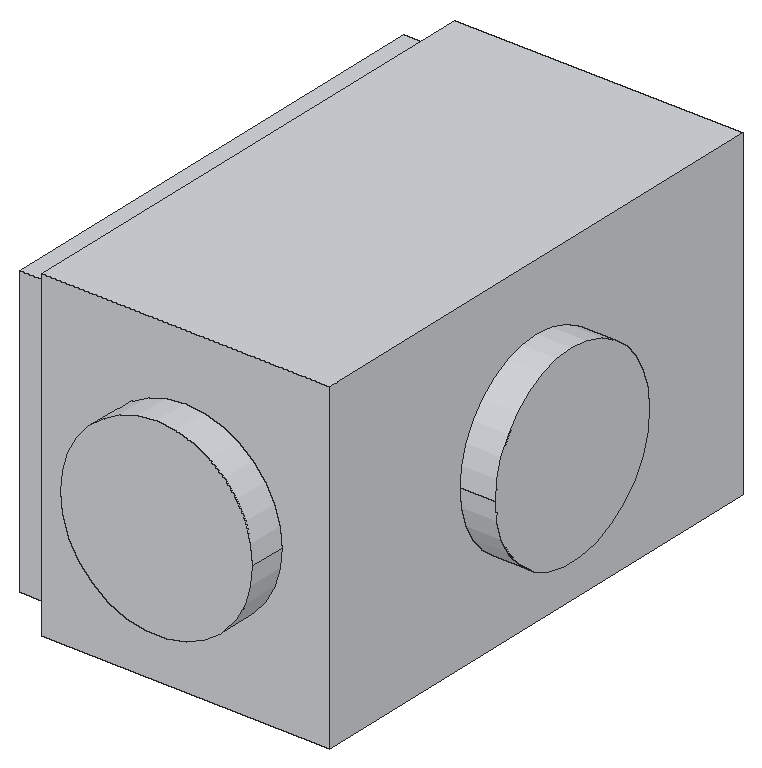
Revit family "25b9900533404bb790ed4e2f79cfd594", category Duct Fittings, Revit 2021
Family settings
  Round Connector Dimension = Use Radius
  Part Type = Cross
  OmniClass Number = 23.75.70.11.14.24
  OmniClass Title = Air Mixers
  Seek Item ID = VAV Outlet Plenum - Cross-0000-USA-ENU
  Work Plane-Based = No
  Always vertical = Yes
  Cut with Voids When Loaded = No
  Shared = No
Parameters (values of type "Standard")
  Supply Air Outlet Radius = Supply Air Outlet Diameter / 2  # 4"
  Supply Air Outlet Diameter = 8"
  Supply Air Inlet Width = 20"
  Supply Air Inlet Height = 12"
  Plenum Width = Supply Air Inlet Width + 0' 1 1/2"  # 21 1/2"
  Plenum Length = 12"
  Plenum Height = Supply Air Inlet Height + 0' 1 1/2"  # 13 1/2"
  Lining Thickness = 0"
  Lining Supply Air Outlet Radius = Supply Air Outlet Radius - Lining Thickness * 2  # 4"
  Lining Supply Air Inlet Width = Supply Air Inlet Width - Lining Thickness * 2  # 20"
  Lining Supply Air Inlet Height = Supply Air Inlet Height - Lining Thickness * 2  # 12"
  Lining Plenum Width = Plenum Width - Lining Thickness * 2  # 21 1/2"
  Lining Plenum Length = Plenum Length - Lining Thickness * 2  # 12"
  Lining Plenum Height = Plenum Height - Lining Thickness * 2  # 13 1/2"
  Insulation Thickness = 0"
  Insulation Supply Air Outlet Radius = Supply Air Outlet Radius + Insulation Thickness * 2  # 4"
  Insulation Supply Air Outlet Diameter = Supply Air Outlet Diameter + Insulation Thickness * 2  # 8"
  Insulation Supply Air Inlet Width = Supply Air Inlet Width + Insulation Thickness * 2  # 20"
  Insulation Plenum Width = Plenum Width + Insulation Thickness * 2  # 21 1/2"
  Insulation Plenum Length = Plenum Length + Insulation Thickness * 2  # 12"
  Insulation Plenum Height = Plenum Height + Insulation Thickness * 2  # 13 1/2"
  Insuation Supply Air Inlet Height = Supply Air Inlet Height + Insulation Thickness * 2  # 12"
  Default Elevation = 0' - 0"
Reference planes (in)
  plane 1 "Center (Front/Back)": y = 0
  plane 2 "Center(Elevation)": z = 0
  plane 3 "Center (Left/Right)": x = 0
  plane 4: y = 10.75
  plane 5: y = -10.75
  plane 6: x = 6
  plane 7: x = -6
  plane 8: z = 6.75
  plane 9: z = -6.75
  plane 10: x = -7.5
  plane 11: x = 7.5
  plane 12: y = 12.25
  plane 13: y = -12.25
  plane 14: y = -10
  plane 15: y = 10
  plane 16: z = 6
  plane 17: z = -6
  plane 18: z = 6.75
  plane 19: z = -6.75
  plane 20: z = 6.75
  plane 21: z = -6.75
  plane 22: x = -6
  plane 23: x = 6
  plane 24: x = 6
  plane 25: x = -6
  plane 26: y = 10.75
  plane 27: y = -10.75
  plane 28: y = 10.75
  plane 29: y = -10.75
  plane 30: y = 10
  plane 31: y = -10
  plane 32: y = 10
  plane 33: y = -10
  plane 34: z = 6
  plane 35: z = -6
  plane 36: z = 6
  plane 37: z = -6
Forms (in)
  Extrusion 1, solid
    sketch origin (0, 0, 0) x (1, 0, 0) y (0, 1, 0)
      loop
        line (-6, 10.75) -> (-6, -10.75) -> (6, -10.75) -> (6, 10.75) -> (-6, 10.75)
    from -6.75 to 6.75
  Extrusion 2, solid
    sketch origin (0, 0, 0) x (0, 1, 0) y (0, 0, 1)
      loop
        line (10, 6) -> (-10, 6) -> (-10, -6) -> (10, -6) -> (10, 6)
    from -7.5 to -6
  Extrusion 3, solid
    sketch origin (0, 0, 0) x (1, 0, 0) y (0, 0, 1)
      loop
        circle (0, 0) r 4
    from 10.75 to 12.25
  Extrusion 4, solid
    sketch origin (0, 0, 0) x (1, 0, 0) y (0, 0, 1)
      loop
        circle (0, 0) r 4
    from -12.25 to -10.75
  Extrusion 5, solid
    sketch origin (0, 0, 0) x (0, 1, 0) y (0, 0, 1)
      loop
        circle (0, 0) r 4
    from 6 to 7.5
  Extrusion 6, solid
    sketch origin (0, 0, 0) x (0, 1, 0) y (0, 0, 1)
      loop
        circle (0, 0) r 4
    from 6 to 7.5
  Extrusion 7, solid
    sketch origin (0, 0, 0) x (0, 1, 0) y (0, 0, 1)
      loop
        circle (0, 0) r 4
    from 6 to 7.5
  Extrusion 8, solid
    sketch origin (0, 0, 0) x (1, 0, 0) y (0, 0, 1)
      loop
        circle (0, 0) r 4
    from 10.75 to 12.25
  Extrusion 9, solid
    sketch origin (0, 0, 8.25) x (1, 0, 0) y (0, 0, 1)
      loop
        circle (0, -8.25) r 4
    from -12.25 to -10.75
  Extrusion 10, solid
    sketch origin (0, 0, 0) x (1, 0, 0) y (0, 0, 1)
      loop
        circle (0, 0) r 4
    from 10.75 to 12.25
  Extrusion 11, solid
    sketch origin (0, 0, 0) x (1, 0, 0) y (0, 0, 1)
      loop
        circle (0, 0) r 4
    from -12.25 to -10.75
  Extrusion 12, solid
    sketch origin (0, 0, 0) x (1, 0, 0) y (0, 0, 1)
      loop
        line (-6, 6.75) -> (-6, -6.75) -> (6, -6.75) -> (6, 6.75) -> (-6, 6.75)
    from -10.75 to 10.75
  Extrusion 13, solid
    sketch origin (0, 0, 0) x (1, 0, 0) y (0, 0, 1)
      loop
        line (-6, 6.75) -> (-6, -6.75) -> (6, -6.75) -> (6, 6.75) -> (-6, 6.75)
    from -10.75 to 10.75
  Extrusion 14, solid
    sketch origin (0, 0, 0) x (0, 1, 0) y (0, 0, 1)
      loop
        line (-10, 6) -> (-10, -6) -> (10, -6) -> (10, 6) -> (-10, 6)
    from -7.5 to -6
  Extrusion 15, solid
    sketch origin (0, 0, 0) x (0, 1, 0) y (0, 0, 1)
      loop
        line (-10, 6) -> (-10, -6) -> (10, -6) -> (10, 6) -> (-10, 6)
    from -6 to -7.5
Dimensions and locks (in)
  equal spacing: plane 5, plane 1 "Center (Front/Back)", plane 4
  "Plenum Width": plane 5 to plane 4
  equal spacing: plane 7, plane 3 "Center (Left/Right)", plane 6
  "Plenum Length": plane 7 to plane 6
  equal spacing: plane 8, plane 2 "Center(Elevation)", plane 9
  "Plenum Height": plane 8 to plane 9
  locked: plane 6 to plane 11 at 1.5
  plane 12 to Extrusion 1 = 0' - 1 1/2"
  plane 13 to Extrusion 1 = 0' - 1 1/2"
  locked: plane 10 to plane 7 at 1.5
  equal spacing: plane 15, plane 1 "Center (Front/Back)", plane 14
  "Supply Air Inlet Width": plane 15 to plane 14
  equal spacing: plane 16, plane 2 "Center(Elevation)", plane 17
  "Supply Air Inlet Height": plane 16 to plane 17
  equal spacing: plane 18, plane 2 "Center(Elevation)", plane 19
  "Lining Plenum Height": plane 18 to plane 19
  equal spacing: plane 20, plane 2 "Center(Elevation)", plane 21
  "Insulation Plenum Height": plane 20 to plane 21
  equal spacing: plane 23, plane 3 "Center (Left/Right)", plane 22
  "Lining Plenum Length": plane 23 to plane 22
  equal spacing: plane 25, plane 3 "Center (Left/Right)", plane 24
  "Insulation Plenum Length": plane 25 to plane 24
  equal spacing: plane 27, plane 1 "Center (Front/Back)", plane 26
  "Lining Plenum Width": plane 27 to plane 26
  equal spacing: plane 29, plane 1 "Center (Front/Back)", plane 28
  "Insulation Plenum Width": plane 29 to plane 28
  equal spacing: plane 31, plane 1 "Center (Front/Back)", plane 30
  "Lining Supply Air Inlet Width": plane 31 to plane 30
  equal spacing: plane 33, plane 1 "Center (Front/Back)", plane 32
  "Insulation Supply Air Inlet Width": plane 33 to plane 32
  equal spacing: plane 34, plane 2 "Center(Elevation)", plane 35
  "Insuation Supply Air Inlet Height": plane 34 to plane 35
  equal spacing: plane 36, plane 2 "Center(Elevation)", plane 37
  "Lining Supply Air Inlet Height": plane 36 to plane 37
  "Supply Air Outlet Radius": radius of Extrusion 3 sketch curve
  "Supply Air Outlet Radius": radius of Extrusion 4 sketch curve
  "Supply Air Outlet Radius": radius of Extrusion 5 sketch curve
  "Insulation Supply Air Outlet Radius": radius of Extrusion 6 sketch curve
  "Lining Supply Air Outlet Radius": radius of Extrusion 7 sketch curve
  "Insulation Supply Air Outlet Radius": radius of Extrusion 8 sketch curve
  "Insulation Supply Air Outlet Radius": radius of Extrusion 9 sketch curve
  "Lining Supply Air Outlet Radius": radius of Extrusion 10 sketch curve
  "Lining Supply Air Outlet Radius": radius of Extrusion 11 sketch curve
  aligned and locked: plane 7 to Extrusion 1 sketch curve
  aligned and locked: plane 4 to Extrusion 1 sketch curve
  aligned and locked: plane 5 to Extrusion 1 sketch curve
  aligned and locked: Extrusion 1 sketch curve to plane 6
  aligned and locked: plane 8 to Extrusion 1
  aligned and locked: plane 9 to Extrusion 1
  aligned and locked: plane 15 to Extrusion 2 sketch curve
  aligned and locked: plane 16 to Extrusion 2 sketch curve
  aligned and locked: plane 17 to Extrusion 2 sketch curve
  aligned and locked: plane 14 to Extrusion 2 sketch curve
  aligned and locked: plane 10 to Extrusion 2
  aligned and locked: Extrusion 2 to plane 7
  aligned and locked: plane 2 "Center(Elevation)" to Extrusion 3 sketch curve
  aligned and locked: plane 3 "Center (Left/Right)" to Extrusion 3 sketch curve
  aligned and locked: plane 2 "Center(Elevation)" to Extrusion 4 sketch curve
  aligned and locked: plane 3 "Center (Left/Right)" to Extrusion 4 sketch curve
  aligned and locked: Extrusion 4 to plane 12
  aligned and locked: Extrusion 3 to plane 13
  aligned and locked: Extrusion 5 to plane 6
  aligned and locked: plane 11 to Extrusion 5
  aligned and locked: Extrusion 6 to plane 6
  aligned and locked: plane 11 to Extrusion 6
  aligned and locked: plane 11 to Extrusion 7
  aligned and locked: plane 3 "Center (Left/Right)" to Extrusion 8 sketch curve
  aligned and locked: plane 2 "Center(Elevation)" to Extrusion 8 sketch curve
  aligned and locked: plane 2 "Center(Elevation)" to Extrusion 9 sketch curve
  aligned and locked: plane 3 "Center (Left/Right)" to Extrusion 9 sketch curve
  aligned and locked: plane 3 "Center (Left/Right)" to Extrusion 10 sketch curve
  aligned and locked: plane 2 "Center(Elevation)" to Extrusion 10 sketch curve
  aligned and locked: plane 3 "Center (Left/Right)" to Extrusion 11 sketch curve
  aligned and locked: plane 2 "Center(Elevation)" to Extrusion 11 sketch curve
  aligned and locked: Extrusion 11 to plane 12
  aligned and locked: Extrusion 9 to plane 12
  aligned and locked: plane 4 to Extrusion 9
  aligned and locked: Extrusion 10 to plane 13
  aligned and locked: plane 5 to Extrusion 8
  aligned and locked: Extrusion 8 to plane 13
  aligned and locked: Extrusion 12 sketch curve to plane 20
  aligned and locked: plane 21 to Extrusion 12 sketch curve
  aligned and locked: plane 22 to Extrusion 13 sketch curve
  aligned and locked: Extrusion 13 sketch curve to plane 18
  aligned and locked: plane 19 to Extrusion 13 sketch curve
  aligned and locked: plane 23 to Extrusion 13 sketch curve
  aligned and locked: Extrusion 12 to plane 28
  aligned and locked: Extrusion 12 to plane 29
  aligned and locked: Extrusion 13 to plane 27
  aligned and locked: Extrusion 13 to plane 26
  aligned and locked: plane 31 to Extrusion 14 sketch curve
  aligned and locked: Extrusion 14 sketch curve to plane 36
  aligned and locked: plane 37 to Extrusion 14 sketch curve
  aligned and locked: plane 30 to Extrusion 14 sketch curve
  aligned and locked: plane 33 to Extrusion 15 sketch curve
  aligned and locked: Extrusion 15 sketch curve to plane 34
  aligned and locked: plane 35 to Extrusion 15 sketch curve
  aligned and locked: plane 32 to Extrusion 15 sketch curve
  aligned and locked: Extrusion 15 to plane 7
  aligned and locked: Extrusion 12 sketch curve to plane 25
  aligned and locked: Extrusion 12 sketch curve to plane 24
  aligned and locked: plane 10 to Extrusion 15
  aligned and locked: plane 10 to Extrusion 14
  aligned and locked: plane 1 "Center (Front/Back)" to Extrusion 7 sketch curve
  aligned and locked: plane 2 "Center(Elevation)" to Extrusion 7 sketch curve
  aligned and locked: plane 1 "Center (Front/Back)" to Extrusion 5 sketch curve
  aligned and locked: plane 2 "Center(Elevation)" to Extrusion 5 sketch curve
  aligned and locked: plane 1 "Center (Front/Back)" to Extrusion 6 sketch curve
  aligned and locked: plane 2 "Center(Elevation)" to Extrusion 6 sketch curve
  aligned and locked: plane 22 to Extrusion 14
  aligned and locked: plane 26 to Extrusion 11
  aligned and locked: plane 23 to Extrusion 7
  aligned and locked: plane 27 to Extrusion 10
Connectors (in)
  hvac at (-7.5, 0, 0), driven by "Supply Air Inlet Height", driven by "Supply Air Inlet Width"
    settings: on Extrusion 2, index 1, duct flow 0 CFM, flow factor 0, pres drop 0.00 in-wg, loss coef 0, conn angle 0.00°, conn width 20", conn height 12", conn diameter 24", duct sys type 28, conn prof type 1, flow config 0, flow direction 0, loss method 0, conn ref index -1, conn util no, is conn primary yes, conn desc ""
  hvac at (7.5, 0, 0), driven by "Supply Air Outlet Radius"
    settings: on Extrusion 5, index 2, duct flow 0 CFM, flow factor 0, pres drop 0.00 in-wg, loss coef 0, conn angle 0.00°, conn width 12", conn height 12", conn diameter 8", duct sys type 28, conn prof type 0, flow config 0, flow direction 0, loss method 0, conn ref index -1, conn util no, is conn primary no, conn desc ""
  hvac at (0, -12.25, 0), driven by "Supply Air Outlet Radius"
    settings: on Extrusion 3, index 3, duct flow 0 CFM, flow factor 0, pres drop 0.00 in-wg, loss coef 0, conn angle 0.00°, conn width 12", conn height 12", conn diameter 8", duct sys type 28, conn prof type 0, flow config 0, flow direction 0, loss method 0, conn ref index -1, conn util no, is conn primary no, conn desc ""
  hvac at (0, 12.25, 0), driven by "Supply Air Outlet Radius"
    settings: on Extrusion 4, index 4, duct flow 0 CFM, flow factor 0, pres drop 0.00 in-wg, loss coef 0, conn angle 0.00°, conn width 12", conn height 12", conn diameter 8", duct sys type 28, conn prof type 0, flow config 0, flow direction 0, loss method 0, conn ref index -1, conn util no, is conn primary no, conn desc ""
